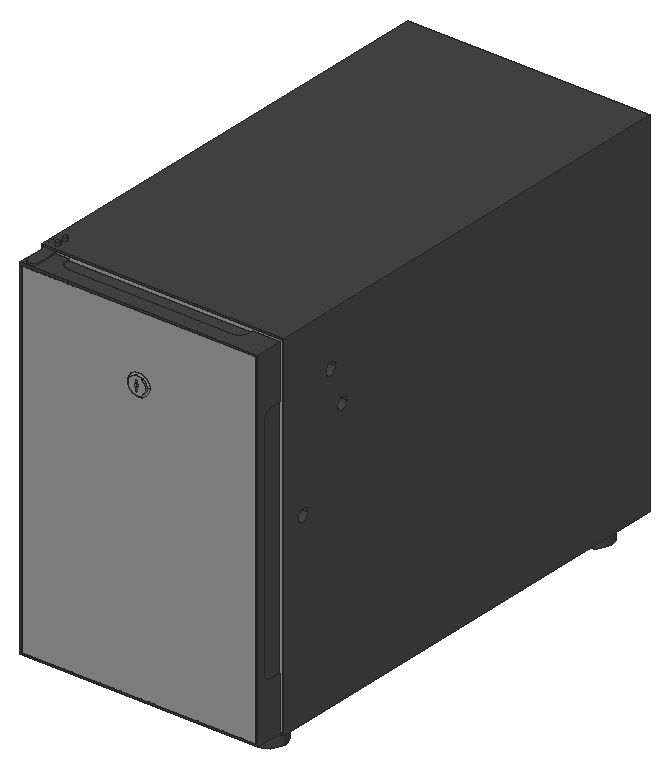
Revit family "Franke_Refrigeration_side_unit_KE200_EC-A200_MS_EC(JP)", category Specialty Equipment, Revit 2015
Parameters (values of type "Refrigeration side unit  KE200 EC-A200 MS EC(100V/JP)")
  Volts max. = 0 V
  URL = "https://www.franke.com/main/en/cs/products/product-search.html"
  Depth (mm) = 453 mm
  Temperature range = "+ 3°C to + 8°C"
  Volts min. = 100 V
  Max Overcurrent Protection = "1.5 A"
  Cycle Alternative = 60 Hz
  Cycle = 50 Hz
  Model = "410862 - Refrigeration side unit KE200 EC - A200 MS EC"
  Milk storage = "4 l"
  Watts = 0 W
  Cost = 0
  Height (mm) = 337 mm
  Manufacturer = "Franke"
  Energy loss acc. to DIN 18873 = "0.460 kWh/24 h - 230 V"
  Width (mm) = 225 mm
  Description = "Refrigeration side unit for storage of cooled milk"
  Assembly Code = "Refrigeration side unit"
  Keynote = "Refrigeration side unit"
  Weight = "13 kg"
  Number of Poles = 1
  Number of Protective Conductors = "1"
  Number of Nutral Conductors = "1"
Reference planes
  plane 1 "Mitte (Vorne/Hinten)": y = 0
  plane 2: z = 0
  plane 3 "Mitte (Links/Rechts)": x = 0
Forms (mm)
  Extrusion 1, solid, material "Franke Black"
    sketch origin (0, 0, 0) x (0, 1, 0) y (0, 0, 1)
      loop
        line (212.3, 356) -> (-212.3, 356) -> (-212.3, 26) -> (212.3, 26) -> (212.3, 356)
    from -112.5 to 112.5
  Extrusion 2, solid, material "Franke Chrome"
    sketch origin (0, 0, 0) x (1, 0, 0) y (0, 0, 1)
      loop
        circle (0, 290.954) r 8
      loop
        arc (1, 294.954) -> (0.707, 295.662) -> (0, 295.954) r 1
        arc (0, 295.954) -> (-0.707, 295.662) -> (-1, 294.954) r 1
        line (-1, 294.954) -> (-1, 292.687)
        arc (-1, 292.687) -> (-2, 290.954) -> (-1, 289.222) r 2
        line (-1, 289.222) -> (-1, 286.954)
        arc (-1, 286.954) -> (-0.707, 286.247) -> (0, 285.954) r 1
        arc (0, 285.954) -> (0.707, 286.247) -> (1, 286.954) r 1
        line (1, 286.954) -> (1, 289.222)
        arc (1, 289.222) -> (2, 290.954) -> (1, 292.687) r 2
        line (1, 292.687) -> (1, 294.954)
    from 240.3 to 242.3
  Blend 3, solid, material "Franke Chrome"
    base sketch origin (0, 0, 0) x (1, 0, 0) y (0, 0, 1)
      loop
        circle (0, 290.954) r 10
    top sketch origin (0, 0, 0) x (1, 0, 0) y (0, 0, 1)
      loop
        circle (0, 290.954) r 8
    from 240.3 to 241.3
  Extrusion 4, solid, material "Franke Black"
    sketch origin (0, 0, 0) x (1, 0, 0) y (0, 0, 1)
      loop
        line (-105.863, 349.363) -> (-105.863, 32.637) -> (105.863, 32.637) -> (105.863, 349.363) -> (-105.863, 349.363)
    from 212.3 to 214.3
  Extrusion 5, solid, material "Franke Black"
    sketch origin (0, 0, 0) x (1, 0, 0) y (0, 1, 0)
      loop
        circle (-77.5, -185.7) r 10
      loop
        circle (-77.5, 193.3) r 10
      loop
        circle (77.5, -185.7) r 10
      loop
        circle (77.5, 193.3) r 10
    from 19 to 26
  Revolve 6, solid, material "Franke Black"
    sketch origin (-77.5, 0, 19) x (0, 1, 0) y (0, 0, 1)
      loop
        line (212.3, 252) -> (225.9, 252) -> (225.9, 262.5)
        arc (225.9, 262.5) -> (225.314, 263.914) -> (223.9, 264.5) r 2
        line (223.9, 264.5) -> (212.3, 264.5) -> (212.3, 252)
      axis (225.9, 252) -> (212.3, 252)
    angle from 0 to 360
  Extrusion 7, void
    sketch origin (0, 0, 19) x (0, 1, 0) y (0, 0, 1)
      loop
        circle (-158.312, 288.596) r 6
      loop
        circle (-144.81, 253.988) r 6
      loop
        circle (-190.311, 180.988) r 6
    from 102.5 to 127.226
  Extrusion 8, void
    sketch origin (0, 0, 19) x (1, 0, 0) y (0, 0, 1)
      loop
        line (60.953, 48.985) -> (60.953, 22.709) -> (92.574, 22.709) -> (92.574, 48.985) -> (60.953, 48.985)
    from -221.866 to -202.3
  Extrusion 9, solid, material "Franke Black"
    sketch origin (0, 0, 0) x (1, 0, 0) y (0, 1, 0)
      loop
        circle (-77.5, 193.3) r 15
      loop
        circle (77.5, 193.3) r 15
      loop
        circle (-77.5, -185.7) r 15
      loop
        circle (77.5, -185.7) r 15
    from 0 to 20
  Extrusion 10, solid, material "Franke Black"
    sketch origin (0, 0, 0) x (1, 0, 0) y (0, 0, 1)
      loop
        line (-110.5, 354) -> (-110.5, 28) -> (110.5, 28) -> (110.5, 354) -> (-110.5, 354)
      loop
        line (108.5, 352) -> (-108.5, 352) -> (-108.5, 30) -> (108.5, 30) -> (108.5, 352)
    from 214.3 to 240.3
  Extrusion 11, solid, material "Franke Stainless Steel"
    sketch origin (0, 0, 0) x (1, 0, 0) y (0, 0, 1)
      loop
        line (-108.5, 352) -> (-108.5, 30) -> (108.5, 30) -> (108.5, 352) -> (-108.5, 352)
      loop
        circle (0, 290.954) r 10
    from 214.3 to 240.3
  Extrusion 12, void
    sketch origin (0, 0, 0) x (0, 1, 0) y (0, 0, 1)
      loop
        line (-212.3, 78) -> (-212.3, 304) -> (-223.8, 304)
        arc (-223.8, 304) -> (-230.871, 301.071) -> (-233.8, 294) r 10
        line (-233.8, 294) -> (-233.8, 88)
        arc (-233.8, 88) -> (-230.871, 80.929) -> (-223.8, 78) r 10
        line (-223.8, 78) -> (-212.3, 78)
    from 109.5 to 123.031
  Extrusion 13, void
    sketch origin (0, 0, 0) x (0, 1, 0) y (0, 0, -1)
      loop
        line (-212.3, -78) -> (-223.8, -78)
        arc (-223.8, -78) -> (-230.871, -80.929) -> (-233.8, -88) r 10
        line (-233.8, -88) -> (-233.8, -294)
        arc (-233.8, -294) -> (-230.871, -301.071) -> (-223.8, -304) r 10
        line (-223.8, -304) -> (-212.3, -304) -> (-212.3, -78)
    from 109.5 to 123.031
  Extrusion 14, void
    sketch origin (0, 0, 0) x (1, 0, 0) y (0, 1, 0)
      loop
        line (-85.5, -212.3) -> (-85.5, -217.3)
        arc (-85.5, -217.3) -> (-82.571, -224.371) -> (-75.5, -227.3) r 10
        line (-75.5, -227.3) -> (75.5, -227.3)
        arc (75.5, -227.3) -> (82.571, -224.371) -> (85.5, -217.3) r 10
        line (85.5, -217.3) -> (85.5, -212.3) -> (-85.5, -212.3)
    from 353 to 371.405
  Extrusion 15, void
    sketch origin (0, 0, -342.405) x (0, -1, 0) y (1, 0, 0)
      loop
        line (212.3, -85.5) -> (217.3, -85.5)
        arc (217.3, -85.5) -> (224.371, -82.571) -> (227.3, -75.5) r 10
        line (227.3, -75.5) -> (227.3, 75.5)
        arc (227.3, 75.5) -> (224.371, 82.571) -> (217.3, 85.5) r 10
        line (217.3, 85.5) -> (212.3, 85.5) -> (212.3, -85.5)
    from 353 to 371.405
  Extrusion 16, void
    sketch origin (0, 0, 0) x (1, 0, 0) y (0, 0, 1)
      loop
        line (111.5, 355) -> (-111.5, 355) -> (-111.5, 27) -> (111.5, 27) -> (111.5, 355)
    from 199.527 to 273.235
  Extrusion 17, solid, material "Franke Plastic white"
    sketch origin (0, 0, 0) x (1, 0, 0) y (0, 0, 1)
      loop
        line (-111.5, 355) -> (-111.5, 27) -> (111.5, 27) -> (111.5, 355) -> (-111.5, 355)
    from 199.527 to 212.3
  Extrusion 18, solid, material "Franke Black"
    sketch origin (0, 0, 0) x (1, 0, 0) y (0, 1, 0)
      loop
        arc (-108.5, -233.3) -> (-103.5, -238.3) -> (-98.5, -233.3) r 5
        line (-98.5, -233.3) -> (-98.5, -212.3) -> (-108.5, -212.3) -> (-108.5, -233.3)
    from 354 to 355
  Extrusion 19, solid, material "Franke Black"
    sketch origin (0, 0, 0) x (1, 0, 0) y (0, 1, 0)
      loop
        circle (-103.5, -205.3) r 2
      loop
        circle (-103.5, -196.3) r 2
    from 356 to 358.5
  Extrusion 20, solid, material "Franke Black"
    sketch origin (0, 0, -327) x (0, -1, 0) y (1, 0, 0)
      loop
        arc (233.3, -108.5) -> (238.3, -103.5) -> (233.3, -98.5) r 5
        line (233.3, -98.5) -> (212.3, -98.5) -> (212.3, -108.5) -> (233.3, -108.5)
    from 354 to 355
  Extrusion 21, solid
    sketch origin (0, 0, 0) x (1, 0, 0) y (0, 1, 0)
      loop
        circle (0, 174.198) r 2.5
    from 20 to 26
Cuts and joins
  Extrusion 7, Extrusion 8, Extrusion 16 cuts Extrusion 1
  Extrusion 12, Extrusion 13, Extrusion 14, Extrusion 15 cuts Extrusion 10
Dimensions and locks
  aligned and locked: level to plane 2
Connectors
  electrical at (0, 174.198, 20), driven by "Volts min.", driven by "Number of Poles"
    settings: on Extrusion 21, index 1, voltage 100 V, apparent load 0 VA, apparent load phase1 0 VA, apparent load phase2 0 VA, apparent load phase3 0 VA, power factor 1, load classification "Strom", number of poles 1, system type 31, power factor state 1, is connector primary yes, connector utility no, sub classification motor no, connector description ""
